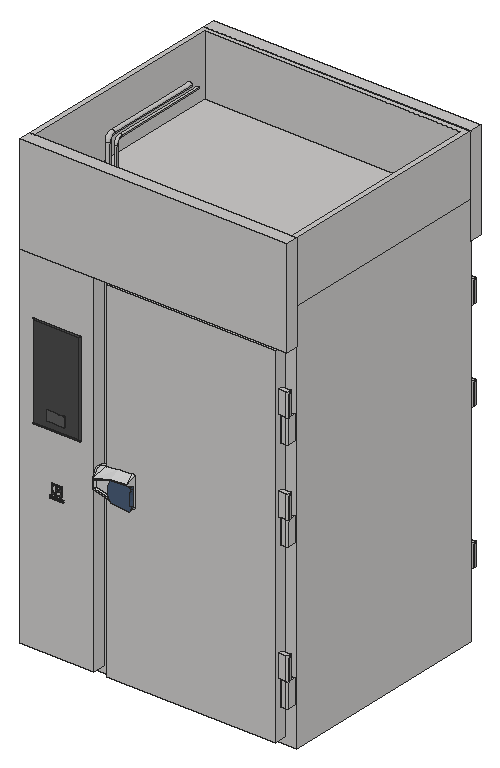
Revit family "QF_ELECTROLUXPROFESSIONAL_727759_EBFA22RPQ", category Specialty Equipment, Revit 2018
Family settings
  Round Connector Dimension = Use Radius
  Part Type = Normal
  Work Plane-Based = No
  Always vertical = Yes
  Cut with Voids When Loaded = No
  Shared = Yes
  Room Calculation Point = No
Parameters
  Weight = 0.00 kg
  Watts = 0 W
  Volts = 208 V
  URL Manufacturer = "http://professional.electrolux.com"
  URL = "http://professional.electrolux.com"
  Steam Supply Size = 0"
  Steam Supply Minimum Pressure = 0.00 psi
  Steam Supply Maximum Pressure = 0.00 psi
  Steam Pounds per Hour = 0
  Show Logo [instance] = yes
  Refrigeration Suction Line Size = 0"
  Refrigeration Liquid Line Size = 0"
  Refrigerant Compressor Remote = yes
  Phase = 3
  Model = "EBFA22RPQ"
  Manufacturer = "Electrolux"
  Length Actual = 1400 mm  # constant formula
  Item Number = "727759"
  Hot Water Size = 0"
  Height Actual = 2400 mm  # constant formula
  HP = "9 HP"
  Gas Size = 0"
  Gas KW = 0
  Gas Input Pressure = 0.0 Btu/h
  Direct Waste Size = 3/4"
  Description = "BC/F 180KG 20GN2/1 REM-PASTH-208V-US-USB"
  Depth Actual = 1395 mm  # constant formula
  Cycle = 60 Hz
  Condensate Return Size = 0"
  Compressed Air Volume = 0 GPM
  Compressed Air Size = 0"
  Compressed Air Pressure = 0.00 psi
  Cold Water Size = 0"
  Assembly Code = ""
  Show Clearance [instance] = yes
  Accessory = yes
Reference planes
  plane 1: z = 0
  plane 2 "LEFT": x = 0
  plane 3 "RIGHT": x = 1400
  plane 4 "FRONT": y = -1205
  plane 5 "TOP": z = 2400
  plane 6 "Center Y": x = 700
  plane 7: y = -2155
  plane 8 "BACK": y = 67
  plane 9: y = -569
Forms (mm)
  Extrusion 1, solid, material "QF_Clearance", visible <- "Show Clearance", detail levels coarse
    sketch origin (0, 0, -70) x (1, 0, 0) y (0, 1, 0)
      loop
        line (0, -1205) -> (0, 67) -> (-100, 67) -> (-100, -1205) -> (0, -1205)
      loop
        line (1500, -1205) -> (1500, 67) -> (1400, 67) -> (1400, -1205) -> (1500, -1205)
    from 70 to 2670
  Extrusion 2, solid, material "QF_Finishes_Stainless Steel"
    sketch origin (349.253, 33, 630.991) x (-1, 0, 0) y (0, -1, 0)
      loop
        line (349.253, 1172.759) -> (349.253, 1238) -> (-39.747, 1238) -> (-39.747, 1172.759) -> (349.253, 1172.759)
    from -597 to 1254
  Extrusion 3, solid, material "QF_Finishes_Stainless Steel"
    sketch origin (596.16, 27.971, -70) x (1, 0, 0) y (0, 1, 0)
      loop
        line (743.84, -1172.971) -> (-141.16, -1172.971) -> (-141.16, -1232.971) -> (743.84, -1232.971) -> (743.84, -1172.971)
    from 103.991 to 1945.25
  Extrusion 4, solid, material "QF_Door-Drawer Clearances", visible <- "Show Clearance", detail levels coarse
    sketch origin (875, -72.029, -91.802) x (-1, 0, 0) y (0, -1, 0)
      loop
        line (-465, 2025.971) -> (-465, 1132.971) -> (420, 1132.971)
        arc (420, 1132.971) -> (153.836, 1754.227) -> (-465, 2025.971) r 920
    from 125.793 to 1967.052
  Extrusion 5, solid, material "QF_Finishes_Stainless Steel"
    sketch origin (0, -1139.759, 0) x (0, 1, 0) y (-1, 0, 0)
      loop
        line (1140.759, 0) -> (0.759, 0) -> (0.759, -1400) -> (1140.759, -1400) -> (1140.759, 0)
    from 0 to 2080
  Extrusion 6, solid, material "QF_Finishes_Stainless Steel"
    sketch origin (0, 0, -70) x (0, 1, 0) y (0, 0, 1)
      loop
        line (-1139, 2470) -> (-1205, 2470) -> (-1205, 1956) -> (-1139, 1956) -> (-1139, 2470)
    from 0 to 1400
  Extrusion 7, solid, material "QF_Finishes_Stainless Steel"
    sketch origin (0, -1139.759, 2080) x (0, 1, 0) y (-1, 0, 0)
      loop
        line (1140.759, 0) -> (0.759, 0) -> (0.759, -27.807) -> (1112.952, -27.807) -> (1112.952, -1372.193) -> (0.759, -1372.193) -> (0.759, -1400) -> (1140.759, -1400) -> (1140.759, 0)
    from 0 to 320
  Extrusion 8, solid, material "QF_Clearance", visible <- "Show Clearance", detail levels coarse
    sketch origin (0, 0, 2400) x (-1, 0, 0) y (0, -1, 0)
      loop
        line (0, 1205) -> (-1400, 1205) -> (-1400, -67.029) -> (0, -67.029) -> (0, 1205)
    from 0 to 200
  Extrusion 9, solid, material "QF_Finishes_Stainless Steel"
    sketch origin (-390.239, -0.977, 1172.559) x (1, 0, 0) y (0, 1, 0)
      loop
        line (1730.239, -1159.557) -> (1730.239, -1186.759) -> (1771.078, -1186.759)
        arc (1771.078, -1186.759) -> (1778.149, -1183.83) -> (1781.078, -1176.759) r 10
        line (1781.078, -1176.759) -> (1781.078, -1169.557)
        arc (1781.078, -1169.557) -> (1778.149, -1162.486) -> (1771.078, -1159.557) r 10
        line (1771.078, -1159.557) -> (1730.239, -1159.557)
    from 398 to 516
  Extrusion 10, solid, material "QF_Finishes_Stainless Steel"
    sketch origin (-388.989, -0.977, 1172.559) x (1, 0, 0) y (0, 1, 0)
      loop
        line (1779.828, -1138.023) -> (1738.215, -1138.023) -> (1738.215, -1176.759)
        arc (1738.215, -1176.759) -> (1741.143, -1183.83) -> (1748.215, -1186.759) r 10
        line (1748.215, -1186.759) -> (1769.828, -1186.759)
        arc (1769.828, -1186.759) -> (1776.899, -1183.83) -> (1779.828, -1176.759) r 10
        line (1779.828, -1176.759) -> (1779.828, -1138.023)
    from 269 to 396
  Extrusion 11, solid, material "QF_Finishes_Handrails and Railings"
    sketch origin (0, -1205, -139.705) x (-1, 0, 0) y (0, 0, 1)
      loop
        arc (-455, 1022.346) -> (-433.392, 1027.289) -> (-413, 1035.976) r 124.815
        arc (-413, 1035.976) -> (-402.037, 1046.425) -> (-398, 1061.023) r 28.412
        line (-398, 1061.023) -> (-398, 1124.287)
        arc (-398, 1124.287) -> (-402.037, 1138.885) -> (-413, 1149.334) r 28.412
        arc (-413, 1149.334) -> (-433.392, 1158.021) -> (-455, 1162.964) r 124.815
        line (-455, 1162.964) -> (-455, 1022.346)
    from 0 to 25
  Extrusion 12, solid, material "QF_Finishes_Stainless Steel"
    sketch origin (0, 67, 2400) x (0, 0, -1) y (-1, 0, 0)
      loop
        circle (190.294, -50.191) r 10
    from -2 to 0
  Extrusion 13, solid
    sketch origin (0, 0, -70) x (1, 0, 0) y (0, 1, 0)
      loop
        circle (271, -895) r 12.7
    from 180 to 190
  Sweep 14, solid, material "QF_Finishes_Stainless Steel"
    path in 3D
      loop
        line (196, -872.727, 2090) -> (196, -872.727, 2314.785)
        arc (196, -872.727, 2314.785) -> (196, -863.94, 2335.999) -> (196, -842.727, 2344.785) r 30
        line (196, -842.727, 2344.785) -> (196, -337, 2344.785)
    profile origin (196, -589.864, 2344.785) x (-1, 0, 0) y (0, 0, 1)
      loop
        circle (0, -0.785) r 11
  Sweep 15, solid, material "QF_Finishes_Stainless Steel"
    path in 3D
      loop
        line (239, -337, 2344) -> (239, -842.727, 2344)
        arc (239, -842.727, 2344) -> (239, -863.94, 2335.213) -> (239, -872.727, 2314) r 30
        line (239, -872.727, 2314) -> (239, -872.727, 2090)
    profile origin (239, -589.864, 2344) x (1, 0, 0) y (0, 0, 1)
      loop
        circle (0, 0) r 6
  Extrusion 16, solid, material "QF_Finishes_Stainless Steel"
    sketch origin (0, -1139.759, 2080) x (0, 1, 0) y (-1, 0, 0)
      loop
        line (272.791, -163.68) -> (262.791, -163.68)
        arc (262.791, -163.68) -> (252.185, -168.074) -> (247.791, -178.68) r 15
        line (247.791, -178.68) -> (247.791, -270.358)
        arc (247.791, -270.358) -> (252.185, -280.965) -> (262.791, -285.358) r 15
        line (262.791, -285.358) -> (272.791, -285.358)
        arc (272.791, -285.358) -> (283.398, -280.965) -> (287.791, -270.358) r 15
        line (287.791, -270.358) -> (287.791, -178.68)
        arc (287.791, -178.68) -> (283.398, -168.074) -> (272.791, -163.68) r 15
    from 0 to 10
  Blend 17, solid, material "QF_Finishes_Handrails and Railings"
    base sketch origin (0, -1205, -139.705) x (1, 0, 0) y (0, 0, 1)
      loop
        arc (455, 1162.964) -> (433.392, 1158.021) -> (413, 1149.334) r 124.815
        arc (413, 1149.334) -> (402.037, 1138.885) -> (398, 1124.287) r 28.412
        line (398, 1124.287) -> (398, 1061.023)
        arc (398, 1061.023) -> (402.037, 1046.425) -> (413, 1035.976) r 28.412
        arc (413, 1035.976) -> (433.392, 1027.289) -> (455, 1022.346) r 124.815
        arc (455, 1022.346) -> (524.77, 1014.896) -> (594.859, 1011.587) r 1185.63
        arc (594.859, 1011.587) -> (600.607, 1013.879) -> (603, 1019.586) r 8
        line (603, 1019.586) -> (603, 1165.724)
        arc (603, 1165.724) -> (600.607, 1171.431) -> (594.859, 1173.723) r 8
        arc (594.859, 1173.723) -> (524.77, 1170.414) -> (455, 1162.964) r 1185.63
    top sketch origin (0, -1205, -139.705) x (1, 0, 0) y (0, 0, 1)
      loop
        line (421, 1108.337) -> (421, 1076.973)
        arc (421, 1076.973) -> (423.295, 1069.915) -> (429.302, 1065.557) r 12
        arc (429.302, 1065.557) -> (515.086, 1044.22) -> (603, 1034.974) r 636.459
        line (603, 1034.974) -> (603, 1150.336)
        arc (603, 1150.336) -> (515.086, 1141.09) -> (429.302, 1119.753) r 636.459
        arc (429.302, 1119.753) -> (423.295, 1115.395) -> (421, 1108.337) r 12
    from 0 to 50
  Blend 18, void
    base sketch origin (0, -1255, -139.705) x (-1, 0, 0) y (0, 0, 1)
      loop
        arc (-430.843, 1114.996) -> (-515.866, 1136.151) -> (-603, 1145.333) r 631.459
        line (-603, 1145.333) -> (-603, 1039.977)
        arc (-603, 1039.977) -> (-515.866, 1049.159) -> (-430.843, 1070.314) r 631.459
        arc (-430.843, 1070.314) -> (-427.339, 1072.856) -> (-426, 1076.973) r 7
        line (-426, 1076.973) -> (-426, 1108.337)
        arc (-426, 1108.337) -> (-427.339, 1112.454) -> (-430.843, 1114.996) r 7
    top sketch origin (0, -1255, -139.705) x (-1, 0, 0) y (0, 0, 1)
      loop
        arc (-432.384, 1110.24) -> (-516.647, 1131.211) -> (-603, 1140.33) r 626.459
        line (-603, 1140.33) -> (-603, 1044.98)
        arc (-603, 1044.98) -> (-516.647, 1054.099) -> (-432.384, 1075.07) r 626.459
        arc (-432.384, 1075.07) -> (-431.382, 1075.797) -> (-431, 1076.973) r 2
        line (-431, 1076.973) -> (-431, 1108.337)
        arc (-431, 1108.337) -> (-431.382, 1109.513) -> (-432.384, 1110.24) r 2
    from 0 to 10
  Blend 19, solid, material "QF_Finishes_Electrolux_Blue"
    base sketch origin (0, -1245, -139.705) x (1, 0, 0) y (0, 0, 1)
      loop
        arc (628.567, 1043.419) -> (622.014, 1092.655) -> (628.567, 1141.89) r 188.232
        arc (628.567, 1141.89) -> (627.358, 1147.991) -> (621.77, 1150.721) r 7
        arc (621.77, 1150.721) -> (572.304, 1148.509) -> (523.16, 1142.458) r 636.459
        arc (523.16, 1142.458) -> (507.711, 1092.655) -> (523.16, 1042.852) r 88
        arc (523.16, 1042.852) -> (572.304, 1036.801) -> (621.77, 1034.589) r 636.459
        arc (621.77, 1034.589) -> (627.358, 1037.319) -> (628.567, 1043.419) r 7
    top sketch origin (0, -1245, -139.705) x (1, 0, 0) y (0, 0, 1)
      loop
        arc (626.748, 1050.703) -> (622.014, 1092.655) -> (626.748, 1134.607) r 188.232
        arc (626.748, 1134.607) -> (625.775, 1138.85) -> (621.845, 1140.722) r 5
        arc (621.845, 1140.722) -> (569.023, 1138.185) -> (516.603, 1131.203) r 626.459
        arc (516.603, 1131.203) -> (507.711, 1092.655) -> (516.603, 1054.107) r 88
        arc (516.603, 1054.107) -> (569.023, 1047.124) -> (621.845, 1044.588) r 626.459
        arc (621.845, 1044.588) -> (625.775, 1046.46) -> (626.748, 1050.703) r 5
    from 20 to 0
  Extrusion 20, solid, material "QF_Finishes_Stainless Steel"
    sketch origin (-390.239, -0.977, 692.559) x (1, 0, 0) y (0, 1, 0)
      loop
        line (1730.239, -1159.557) -> (1730.239, -1186.759) -> (1771.078, -1186.759)
        arc (1771.078, -1186.759) -> (1778.149, -1183.83) -> (1781.078, -1176.759) r 10
        line (1781.078, -1176.759) -> (1781.078, -1169.557)
        arc (1781.078, -1169.557) -> (1778.149, -1162.486) -> (1771.078, -1159.557) r 10
        line (1771.078, -1159.557) -> (1730.239, -1159.557)
    from 398 to 516
  Extrusion 21, solid, material "QF_Finishes_Stainless Steel"
    sketch origin (-388.989, -0.977, 692.559) x (1, 0, 0) y (0, 1, 0)
      loop
        line (1779.828, -1138.023) -> (1738.215, -1138.023) -> (1738.215, -1176.759)
        arc (1738.215, -1176.759) -> (1741.143, -1183.83) -> (1748.215, -1186.759) r 10
        line (1748.215, -1186.759) -> (1769.828, -1186.759)
        arc (1769.828, -1186.759) -> (1776.899, -1183.83) -> (1779.828, -1176.759) r 10
        line (1779.828, -1176.759) -> (1779.828, -1138.023)
    from 269 to 396
  Extrusion 22, solid, material "QF_Finishes_Stainless Steel"
    sketch origin (-390.239, -0.977, -67.441) x (1, 0, 0) y (0, 1, 0)
      loop
        line (1730.239, -1159.557) -> (1730.239, -1186.759) -> (1771.078, -1186.759)
        arc (1771.078, -1186.759) -> (1778.149, -1183.83) -> (1781.078, -1176.759) r 10
        line (1781.078, -1176.759) -> (1781.078, -1169.557)
        arc (1781.078, -1169.557) -> (1778.149, -1162.486) -> (1771.078, -1159.557) r 10
        line (1771.078, -1159.557) -> (1730.239, -1159.557)
    from 398 to 516
  Extrusion 23, solid, material "QF_Finishes_Stainless Steel"
    sketch origin (-388.989, -0.977, -67.441) x (1, 0, 0) y (0, 1, 0)
      loop
        line (1779.828, -1138.023) -> (1738.215, -1138.023) -> (1738.215, -1176.759)
        arc (1738.215, -1176.759) -> (1741.143, -1183.83) -> (1748.215, -1186.759) r 10
        line (1748.215, -1186.759) -> (1769.828, -1186.759)
        arc (1769.828, -1186.759) -> (1776.899, -1183.83) -> (1779.828, -1176.759) r 10
        line (1779.828, -1176.759) -> (1779.828, -1138.023)
    from 269 to 396
  Extrusion 24, solid, material "QF_Door-Drawer Clearances", visible <- "Show Clearance", detail levels coarse
    sketch origin (167.029, -1956.84, -70) x (0, 1, 0) y (-1, 0, 0)
      loop
        line (751.84, -1172.971) -> (-141.16, -1172.971) -> (-141.16, -1232.971) -> (751.84, -1232.971) -> (751.84, -1172.971)
    from 103.991 to 1945.25
  Extrusion 25, solid, material "QF_Door-Drawer Clearances", visible <- "Show Clearance", detail levels coarse
    sketch origin (1400, -2553, -139.705) x (0, -1, 0) y (0, 0, 1)
      loop
        arc (-455, 1022.346) -> (-433.392, 1027.289) -> (-413, 1035.976) r 124.815
        arc (-413, 1035.976) -> (-402.037, 1046.425) -> (-398, 1061.023) r 28.412
        line (-398, 1061.023) -> (-398, 1124.287)
        arc (-398, 1124.287) -> (-402.037, 1138.885) -> (-413, 1149.334) r 28.412
        arc (-413, 1149.334) -> (-433.392, 1158.021) -> (-455, 1162.964) r 124.815
        line (-455, 1162.964) -> (-455, 1022.346)
    from 0 to 25
  Blend 26, solid, material "QF_Door-Drawer Clearances", visible <- "Show Clearance", detail levels coarse
    base sketch origin (1400, -2553, -139.705) x (0, 1, 0) y (0, 0, 1)
      loop
        arc (455, 1162.964) -> (433.392, 1158.021) -> (413, 1149.334) r 124.815
        arc (413, 1149.334) -> (402.037, 1138.885) -> (398, 1124.287) r 28.412
        line (398, 1124.287) -> (398, 1061.023)
        arc (398, 1061.023) -> (402.037, 1046.425) -> (413, 1035.976) r 28.412
        arc (413, 1035.976) -> (433.392, 1027.289) -> (455, 1022.346) r 124.815
        arc (455, 1022.346) -> (524.77, 1014.896) -> (594.859, 1011.587) r 1185.63
        arc (594.859, 1011.587) -> (600.607, 1013.879) -> (603, 1019.586) r 8
        line (603, 1019.586) -> (603, 1165.724)
        arc (603, 1165.724) -> (600.607, 1171.431) -> (594.859, 1173.723) r 8
        arc (594.859, 1173.723) -> (524.77, 1170.414) -> (455, 1162.964) r 1185.63
    top sketch origin (1400, -2553, -139.705) x (0, 1, 0) y (0, 0, 1)
      loop
        line (421, 1108.337) -> (421, 1076.973)
        arc (421, 1076.973) -> (423.295, 1069.915) -> (429.302, 1065.557) r 12
        arc (429.302, 1065.557) -> (515.086, 1044.22) -> (603, 1034.974) r 636.459
        line (603, 1034.974) -> (603, 1150.336)
        arc (603, 1150.336) -> (515.086, 1141.09) -> (429.302, 1119.753) r 636.459
        arc (429.302, 1119.753) -> (423.295, 1115.395) -> (421, 1108.337) r 12
    from 0 to 50
  Blend 27, void
    base sketch origin (1450, -2553, -139.705) x (0, -1, 0) y (0, 0, 1)
      loop
        arc (-430.843, 1114.996) -> (-515.866, 1136.151) -> (-603, 1145.333) r 631.459
        line (-603, 1145.333) -> (-603, 1039.977)
        arc (-603, 1039.977) -> (-515.866, 1049.159) -> (-430.843, 1070.314) r 631.459
        arc (-430.843, 1070.314) -> (-427.339, 1072.856) -> (-426, 1076.973) r 7
        line (-426, 1076.973) -> (-426, 1108.337)
        arc (-426, 1108.337) -> (-427.339, 1112.454) -> (-430.843, 1114.996) r 7
    top sketch origin (1450, -2553, -139.705) x (0, -1, 0) y (0, 0, 1)
      loop
        arc (-432.384, 1110.24) -> (-516.647, 1131.211) -> (-603, 1140.33) r 626.459
        line (-603, 1140.33) -> (-603, 1044.98)
        arc (-603, 1044.98) -> (-516.647, 1054.099) -> (-432.384, 1075.07) r 626.459
        arc (-432.384, 1075.07) -> (-431.382, 1075.797) -> (-431, 1076.973) r 2
        line (-431, 1076.973) -> (-431, 1108.337)
        arc (-431, 1108.337) -> (-431.382, 1109.513) -> (-432.384, 1110.24) r 2
    from 0 to 10
  Blend 28, solid, material "QF_Door-Drawer Clearances", visible <- "Show Clearance", detail levels coarse
    base sketch origin (1440, -2553, -139.705) x (0, 1, 0) y (0, 0, 1)
      loop
        arc (628.567, 1043.419) -> (622.014, 1092.655) -> (628.567, 1141.89) r 188.232
        arc (628.567, 1141.89) -> (627.358, 1147.991) -> (621.77, 1150.721) r 7
        arc (621.77, 1150.721) -> (572.304, 1148.509) -> (523.16, 1142.458) r 636.459
        arc (523.16, 1142.458) -> (507.711, 1092.655) -> (523.16, 1042.852) r 88
        arc (523.16, 1042.852) -> (572.304, 1036.801) -> (621.77, 1034.589) r 636.459
        arc (621.77, 1034.589) -> (627.358, 1037.319) -> (628.567, 1043.419) r 7
    top sketch origin (1440, -2553, -139.705) x (0, 1, 0) y (0, 0, 1)
      loop
        arc (626.748, 1050.703) -> (622.014, 1092.655) -> (626.748, 1134.607) r 188.232
        arc (626.748, 1134.607) -> (625.775, 1138.85) -> (621.845, 1140.722) r 5
        arc (621.845, 1140.722) -> (569.023, 1138.185) -> (516.603, 1131.203) r 626.459
        arc (516.603, 1131.203) -> (507.711, 1092.655) -> (516.603, 1054.107) r 88
        arc (516.603, 1054.107) -> (569.023, 1047.124) -> (621.845, 1044.588) r 626.459
        arc (621.845, 1044.588) -> (625.775, 1046.46) -> (626.748, 1050.703) r 5
    from 20 to -1
  Extrusion 29, solid, material "QF_Finishes_Stainless Steel"
    sketch origin (349.253, -1171, 630.991) x (-1, 0, 0) y (0, -1, 0)
      loop
        line (349.253, -1172.759) -> (-39.747, -1172.759) -> (-39.747, -1238) -> (349.253, -1238) -> (349.253, -1172.759)
    from -597 to 1254
  Extrusion 30, solid, material "QF_Finishes_Stainless Steel"
    sketch origin (596.16, -1165.971, -70) x (1, 0, 0) y (0, 1, 0)
      loop
        line (743.84, 1172.971) -> (743.84, 1232.971) -> (-141.16, 1232.971) -> (-141.16, 1172.971) -> (743.84, 1172.971)
    from 103.991 to 1945.25
  Extrusion 31, solid, material "QF_Door-Drawer Clearances", visible <- "Show Clearance", detail levels coarse
    sketch origin (875, -1065.971, -91.802) x (-1, 0, 0) y (0, -1, 0)
      loop
        arc (-465, -2025.971) -> (153.836, -1754.227) -> (420, -1132.971) r 920
        line (420, -1132.971) -> (-465, -1132.971) -> (-465, -2025.971)
    from 125.793 to 1967.052
  Extrusion 32, solid, material "QF_Finishes_Stainless Steel"
    sketch origin (0, -1138, -70) x (0, -1, 0) y (0, 0, -1)
      loop
        line (-1139, -2470) -> (-1139, -1956) -> (-1205, -1956) -> (-1205, -2470) -> (-1139, -2470)
    from 0 to 1400
  Extrusion 33, solid, material "QF_Finishes_Stainless Steel"
    sketch origin (-390.239, -1137.023, 1172.559) x (1, 0, 0) y (0, 1, 0)
      loop
        line (1730.239, 1159.557) -> (1771.078, 1159.557)
        arc (1771.078, 1159.557) -> (1778.149, 1162.486) -> (1781.078, 1169.557) r 10
        line (1781.078, 1169.557) -> (1781.078, 1176.759)
        arc (1781.078, 1176.759) -> (1778.149, 1183.83) -> (1771.078, 1186.759) r 10
        line (1771.078, 1186.759) -> (1730.239, 1186.759) -> (1730.239, 1159.557)
    from 398 to 516
  Extrusion 34, solid, material "QF_Finishes_Handrails and Railings"
    sketch origin (0, 67, -139.705) x (-1, 0, 0) y (0, 0, -1)
      loop
        line (-455, -1022.346) -> (-455, -1162.964)
        arc (-455, -1162.964) -> (-433.392, -1158.021) -> (-413, -1149.334) r 124.815
        arc (-413, -1149.334) -> (-402.037, -1138.885) -> (-398, -1124.287) r 28.412
        line (-398, -1124.287) -> (-398, -1061.023)
        arc (-398, -1061.023) -> (-402.037, -1046.425) -> (-413, -1035.976) r 28.412
        arc (-413, -1035.976) -> (-433.392, -1027.289) -> (-455, -1022.346) r 124.815
    from 0 to 25
  Blend 35, solid, material "QF_Finishes_Handrails and Railings"
    base sketch origin (0, 67, -139.705) x (1, 0, 0) y (0, 0, -1)
      loop
        arc (455, -1162.964) -> (524.77, -1170.414) -> (594.859, -1173.723) r 1185.63
        arc (594.859, -1173.723) -> (600.607, -1171.431) -> (603, -1165.724) r 8
        line (603, -1165.724) -> (603, -1019.586)
        arc (603, -1019.586) -> (600.607, -1013.879) -> (594.859, -1011.587) r 8
        arc (594.859, -1011.587) -> (524.77, -1014.896) -> (455, -1022.346) r 1185.63
        arc (455, -1022.346) -> (433.392, -1027.289) -> (413, -1035.976) r 124.815
        arc (413, -1035.976) -> (402.037, -1046.425) -> (398, -1061.023) r 28.412
        line (398, -1061.023) -> (398, -1124.287)
        arc (398, -1124.287) -> (402.037, -1138.885) -> (413, -1149.334) r 28.412
        arc (413, -1149.334) -> (433.392, -1158.021) -> (455, -1162.964) r 124.815
    top sketch origin (0, 67, -139.705) x (1, 0, 0) y (0, 0, -1)
      loop
        arc (421, -1108.337) -> (423.295, -1115.395) -> (429.302, -1119.753) r 12
        arc (429.302, -1119.753) -> (515.086, -1141.09) -> (603, -1150.336) r 636.459
        line (603, -1150.336) -> (603, -1034.974)
        arc (603, -1034.974) -> (515.086, -1044.22) -> (429.302, -1065.557) r 636.459
        arc (429.302, -1065.557) -> (423.295, -1069.915) -> (421, -1076.973) r 12
        line (421, -1076.973) -> (421, -1108.337)
    from 0 to 50
  Blend 36, void
    base sketch origin (0, 117, -139.705) x (-1, 0, 0) y (0, 0, -1)
      loop
        arc (-430.843, -1114.996) -> (-427.339, -1112.454) -> (-426, -1108.337) r 7
        line (-426, -1108.337) -> (-426, -1076.973)
        arc (-426, -1076.973) -> (-427.339, -1072.856) -> (-430.843, -1070.314) r 7
        arc (-430.843, -1070.314) -> (-515.866, -1049.159) -> (-603, -1039.977) r 631.459
        line (-603, -1039.977) -> (-603, -1145.333)
        arc (-603, -1145.333) -> (-515.866, -1136.151) -> (-430.843, -1114.996) r 631.459
    top sketch origin (0, 117, -139.705) x (-1, 0, 0) y (0, 0, -1)
      loop
        arc (-432.384, -1110.24) -> (-431.382, -1109.513) -> (-431, -1108.337) r 2
        line (-431, -1108.337) -> (-431, -1076.973)
        arc (-431, -1076.973) -> (-431.382, -1075.797) -> (-432.384, -1075.07) r 2
        arc (-432.384, -1075.07) -> (-516.647, -1054.099) -> (-603, -1044.98) r 626.459
        line (-603, -1044.98) -> (-603, -1140.33)
        arc (-603, -1140.33) -> (-516.647, -1131.211) -> (-432.384, -1110.24) r 626.459
    from 0 to 10
  Blend 37, solid, material "QF_Finishes_Electrolux_Blue"
    base sketch origin (0, 107, -139.705) x (1, 0, 0) y (0, 0, -1)
      loop
        arc (628.567, -1043.419) -> (627.358, -1037.319) -> (621.77, -1034.589) r 7
        arc (621.77, -1034.589) -> (572.304, -1036.801) -> (523.16, -1042.852) r 636.459
        arc (523.16, -1042.852) -> (507.711, -1092.655) -> (523.16, -1142.458) r 88
        arc (523.16, -1142.458) -> (572.304, -1148.509) -> (621.77, -1150.721) r 636.459
        arc (621.77, -1150.721) -> (627.358, -1147.991) -> (628.567, -1141.89) r 7
        arc (628.567, -1141.89) -> (622.014, -1092.655) -> (628.567, -1043.419) r 188.232
    top sketch origin (0, 107, -139.705) x (1, 0, 0) y (0, 0, -1)
      loop
        arc (626.748, -1050.703) -> (625.775, -1046.46) -> (621.845, -1044.588) r 5
        arc (621.845, -1044.588) -> (569.023, -1047.124) -> (516.603, -1054.107) r 626.459
        arc (516.603, -1054.107) -> (507.711, -1092.655) -> (516.603, -1131.203) r 88
        arc (516.603, -1131.203) -> (569.023, -1138.185) -> (621.845, -1140.722) r 626.459
        arc (621.845, -1140.722) -> (625.775, -1138.85) -> (626.748, -1134.607) r 5
        arc (626.748, -1134.607) -> (622.014, -1092.655) -> (626.748, -1050.703) r 188.232
    from 20 to 0
  Extrusion 38, solid, material "QF_Finishes_Stainless Steel"
    sketch origin (-390.239, -1137.023, 692.559) x (1, 0, 0) y (0, 1, 0)
      loop
        line (1730.239, 1159.557) -> (1771.078, 1159.557)
        arc (1771.078, 1159.557) -> (1778.149, 1162.486) -> (1781.078, 1169.557) r 10
        line (1781.078, 1169.557) -> (1781.078, 1176.759)
        arc (1781.078, 1176.759) -> (1778.149, 1183.83) -> (1771.078, 1186.759) r 10
        line (1771.078, 1186.759) -> (1730.239, 1186.759) -> (1730.239, 1159.557)
    from 398 to 516
  Extrusion 39, solid, material "QF_Finishes_Stainless Steel"
    sketch origin (-390.239, -1137.023, -67.441) x (1, 0, 0) y (0, 1, 0)
      loop
        line (1730.239, 1159.557) -> (1771.078, 1159.557)
        arc (1771.078, 1159.557) -> (1778.149, 1162.486) -> (1781.078, 1169.557) r 10
        line (1781.078, 1169.557) -> (1781.078, 1176.759)
        arc (1781.078, 1176.759) -> (1778.149, 1183.83) -> (1771.078, 1186.759) r 10
        line (1771.078, 1186.759) -> (1730.239, 1186.759) -> (1730.239, 1159.557)
    from 398 to 516
  Extrusion 40, solid, material "QF_Door-Drawer Clearances", visible <- "Show Clearance", detail levels coarse
    sketch origin (167.029, 818.84, -70) x (0, -1, 0) y (1, 0, 0)
      loop
        line (751.84, 1172.971) -> (751.84, 1232.971) -> (-141.16, 1232.971) -> (-141.16, 1172.971) -> (751.84, 1172.971)
    from 103.991 to 1945.25
  Extrusion 41, solid, material "QF_Door-Drawer Clearances", visible <- "Show Clearance", detail levels coarse
    sketch origin (1400, 1415, -139.705) x (0, 1, 0) y (0, 0, -1)
      loop
        line (-455, -1022.346) -> (-455, -1162.964)
        arc (-455, -1162.964) -> (-433.392, -1158.021) -> (-413, -1149.334) r 124.815
        arc (-413, -1149.334) -> (-402.037, -1138.885) -> (-398, -1124.287) r 28.412
        line (-398, -1124.287) -> (-398, -1061.023)
        arc (-398, -1061.023) -> (-402.037, -1046.425) -> (-413, -1035.976) r 28.412
        arc (-413, -1035.976) -> (-433.392, -1027.289) -> (-455, -1022.346) r 124.815
    from 0 to 25
  Blend 42, solid, material "QF_Door-Drawer Clearances", visible <- "Show Clearance", detail levels coarse
    base sketch origin (1400, 1415, -139.705) x (0, -1, 0) y (0, 0, -1)
      loop
        arc (455, -1162.964) -> (524.77, -1170.414) -> (594.859, -1173.723) r 1185.63
        arc (594.859, -1173.723) -> (600.607, -1171.431) -> (603, -1165.724) r 8
        line (603, -1165.724) -> (603, -1019.586)
        arc (603, -1019.586) -> (600.607, -1013.879) -> (594.859, -1011.587) r 8
        arc (594.859, -1011.587) -> (524.77, -1014.896) -> (455, -1022.346) r 1185.63
        arc (455, -1022.346) -> (433.392, -1027.289) -> (413, -1035.976) r 124.815
        arc (413, -1035.976) -> (402.037, -1046.425) -> (398, -1061.023) r 28.412
        line (398, -1061.023) -> (398, -1124.287)
        arc (398, -1124.287) -> (402.037, -1138.885) -> (413, -1149.334) r 28.412
        arc (413, -1149.334) -> (433.392, -1158.021) -> (455, -1162.964) r 124.815
    top sketch origin (1400, 1415, -139.705) x (0, -1, 0) y (0, 0, -1)
      loop
        arc (421, -1108.337) -> (423.295, -1115.395) -> (429.302, -1119.753) r 12
        arc (429.302, -1119.753) -> (515.086, -1141.09) -> (603, -1150.336) r 636.459
        line (603, -1150.336) -> (603, -1034.974)
        arc (603, -1034.974) -> (515.086, -1044.22) -> (429.302, -1065.557) r 636.459
        arc (429.302, -1065.557) -> (423.295, -1069.915) -> (421, -1076.973) r 12
        line (421, -1076.973) -> (421, -1108.337)
    from 0 to 50
  Blend 43, void
    base sketch origin (1450, 1415, -139.705) x (0, 1, 0) y (0, 0, -1)
      loop
        arc (-430.843, -1114.996) -> (-427.339, -1112.454) -> (-426, -1108.337) r 7
        line (-426, -1108.337) -> (-426, -1076.973)
        arc (-426, -1076.973) -> (-427.339, -1072.856) -> (-430.843, -1070.314) r 7
        arc (-430.843, -1070.314) -> (-515.866, -1049.159) -> (-603, -1039.977) r 631.459
        line (-603, -1039.977) -> (-603, -1145.333)
        arc (-603, -1145.333) -> (-515.866, -1136.151) -> (-430.843, -1114.996) r 631.459
    top sketch origin (1450, 1415, -139.705) x (0, 1, 0) y (0, 0, -1)
      loop
        arc (-432.384, -1110.24) -> (-431.382, -1109.513) -> (-431, -1108.337) r 2
        line (-431, -1108.337) -> (-431, -1076.973)
        arc (-431, -1076.973) -> (-431.382, -1075.797) -> (-432.384, -1075.07) r 2
        arc (-432.384, -1075.07) -> (-516.647, -1054.099) -> (-603, -1044.98) r 626.459
        line (-603, -1044.98) -> (-603, -1140.33)
        arc (-603, -1140.33) -> (-516.647, -1131.211) -> (-432.384, -1110.24) r 626.459
    from 0 to 10
  Blend 44, solid, material "QF_Door-Drawer Clearances", visible <- "Show Clearance", detail levels coarse
    base sketch origin (1440, 1415, -139.705) x (0, -1, 0) y (0, 0, -1)
      loop
        arc (628.567, -1043.419) -> (627.358, -1037.319) -> (621.77, -1034.589) r 7
        arc (621.77, -1034.589) -> (572.304, -1036.801) -> (523.16, -1042.852) r 636.459
        arc (523.16, -1042.852) -> (507.711, -1092.655) -> (523.16, -1142.458) r 88
        arc (523.16, -1142.458) -> (572.304, -1148.509) -> (621.77, -1150.721) r 636.459
        arc (621.77, -1150.721) -> (627.358, -1147.991) -> (628.567, -1141.89) r 7
        arc (628.567, -1141.89) -> (622.014, -1092.655) -> (628.567, -1043.419) r 188.232
    top sketch origin (1440, 1415, -139.705) x (0, -1, 0) y (0, 0, -1)
      loop
        arc (626.748, -1050.703) -> (625.775, -1046.46) -> (621.845, -1044.588) r 5
        arc (621.845, -1044.588) -> (569.023, -1047.124) -> (516.603, -1054.107) r 626.459
        arc (516.603, -1054.107) -> (507.711, -1092.655) -> (516.603, -1131.203) r 88
        arc (516.603, -1131.203) -> (569.023, -1138.185) -> (621.845, -1140.722) r 626.459
        arc (621.845, -1140.722) -> (625.775, -1138.85) -> (626.748, -1134.607) r 5
        arc (626.748, -1134.607) -> (622.014, -1092.655) -> (626.748, -1050.703) r 188.232
    from 20 to -1
Cuts and joins
  Blend 36 cuts Extrusion 11
  Blend 18, Blend 36 cuts Blend 17
  joined: Extrusion 11, Blend 17
  Blend 18, Blend 36, Blend 43 cuts Extrusion 4
  Blend 36, Blend 43 cuts Extrusion 24
  Blend 36, Blend 43 cuts Extrusion 25
  Blend 27, Blend 36, Blend 43 cuts Blend 26
  Blend 27, Blend 36, Blend 43 cuts Blend 28
  joined: Extrusion 4, Extrusion 24, Extrusion 25, Blend 26, Blend 28
  joined: Extrusion 7, Extrusion 12
  joined: Extrusion 5, Extrusion 10, Sweep 14, Sweep 15, Extrusion 16, Extrusion 21, Extrusion 23
  joined: Extrusion 3, Extrusion 9, Extrusion 20, Extrusion 22
  joined: Extrusion 1, Extrusion 8
  Blend 36 cuts Extrusion 31
  Blend 43 cuts Blend 42
  Blend 43 cuts Blend 44
  joined: Extrusion 31, Extrusion 40, Extrusion 41, Blend 42, Blend 44
  Blend 36 cuts Blend 35
Lines and regions (mm)
  symbolic lines, style "QF-Clearances", visible <- "Show Clearance", detail levels coarse
    curve 1: line (-100, -1204.241, 70) -> (-100, 66.241, 70)
    curve 2: line (1500, 66.241, 0) -> (1500, -1204.241, 0)
  symbolic lines
    curve 3: line (185, -336.968, 0) -> (207, -336.968, 0)
    curve 4: line (207, -336.968, 0) -> (207, -871.942, 0)
    curve 5: line (233, -872.727, 0) -> (233, -337, 0)
    curve 6: line (233, -337, 0) -> (245, -337, 0)
    curve 7: line (245, -337, 0) -> (245, -872.727, 0)
    curve 8: line (245, -851.968, 0) -> (270.358, -851.968, 0)
    curve 9: arc (285.358, -866.968, 0) -> (280.965, -856.361, 0) -> (270.358, -851.968, 0) r 15
    curve 10: line (285.358, -876.968, 0) -> (285.358, -866.968, 0)
    curve 11: arc (270.358, -891.968, 0) -> (280.965, -887.575, 0) -> (285.358, -876.968, 0) r 15
    curve 12: line (178.68, -891.968, 0) -> (270.358, -891.968, 0)
    curve 13: arc (163.68, -876.968, 0) -> (168.074, -887.575, 0) -> (178.68, -891.968, 0) r 15
    curve 14: line (163.68, -866.968, 0) -> (163.68, -876.968, 0)
    curve 15: arc (178.68, -851.968, 0) -> (168.074, -856.361, 0) -> (163.68, -866.968, 0) r 15
    curve 16: arc (207, -871.942, 0) -> (196, -882.942, 0) -> (185, -871.942, 0) r 11
    curve 17: arc (233, -872.727, 0) -> (239, -878.727, 0) -> (245, -872.727, 0) r 6
    curve 18: line (178.68, -851.968, 0) -> (185, -851.968, 0)
    curve 19: line (185, -336.968, 0) -> (185, -871.942, 0)
    curve 20: line (207, -851.968, 0) -> (233, -851.968, 0)
    curve 21: line (0, 1, 0) -> (1400, 1, 0)
    curve 22: line (0, -1205, 0) -> (0, 67, 0)
    curve 23: line (1400, -1205, 0) -> (0, -1205, 0)
    curve 24: line (1400, 67, 0) -> (1400, -1205, 0)
    curve 25: line (27.807, -26.807, 0) -> (1372.193, -26.807, 0)
    curve 26: line (27.807, -1139, 0) -> (27.807, -26.807, 0)
    curve 27: line (1400, -1139, 0) -> (0, -1139, 0)
    curve 28: line (1372.193, -26.807, 0) -> (1372.193, -1139, 0)
    curve 29: line (75.5, -1210, 0) -> (313.5, -1210, 0)
    curve 30: line (75.5, -1210, 0) -> (67.5, -1205, 0)
    curve 31: line (313.5, -1210, 0) -> (321.5, -1205, 0)
    curve 32: line (421, -1255, 0) -> (398, -1205, 0)
    curve 33: line (421, -1255, 0) -> (603, -1255, 0)
    curve 34: line (603, -1255, 0) -> (603, -1205, 0)
    curve 35: line (603, -1245, 0) -> (626.748, -1245, 0)
    curve 36: line (626.748, -1245, 0) -> (628.811, -1265, 0)
    curve 37: line (628.811, -1265, 0) -> (507.711, -1265, 0)
    curve 38: line (507.711, -1265, 0) -> (507.711, -1255, 0)
    curve 58: line (1400, 67, 0) -> (0, 67, 0)
    curve 59: line (1400, 1, 0) -> (0, 1, 0)
    curve 60: line (421, 117, 0) -> (398, 67, 0)
    curve 61: line (421, 117, 0) -> (603, 117, 0)
    curve 62: line (603, 117, 0) -> (603, 67, 0)
    curve 63: line (603, 107, 0) -> (626.748, 107, 0)
    curve 64: line (626.748, 107, 0) -> (628.811, 127, 0)
    curve 65: line (628.811, 127, 0) -> (507.711, 127, 0)
    curve 66: line (507.711, 127, 0) -> (507.711, 117, 0)
  symbolic lines, style "QF_Door-Drawer Clearances", visible <- "Show Clearance"
    curve 39: line (1450, -2132, 0) -> (1400, -2155, 0)
    curve 40: line (1450, -2132, 0) -> (1450, -1950, 0)
    curve 41: line (1450, -1950, 0) -> (1400, -1950, 0)
    curve 42: line (1439, -1950, 0) -> (1439, -1926.126, 0)
    curve 43: line (1439, -1926.126, 0) -> (1460, -1924.189, 0)
    curve 44: line (1460, -1924.189, 0) -> (1460, -2045.289, 0)
    curve 45: line (1460, -2045.289, 0) -> (1450, -2045.289, 0)
    curve 46: line (1375, -2098, 0) -> (1375, -2155, 0)
    curve 47: line (1340, -2098, 0) -> (1400, -2098, 0)
    curve 48: arc (457.796, -1255, 0) -> (739.031, -1843.801, 0) -> (1340, -2098, 0) r 920
    curve 49: line (1400, -2155, 0) -> (1375, -2155, 0)
    curve 50: line (1400, -2098, 0) -> (1400, -1205, 0)
    curve 57: line (1340, -2098, 0) -> (1340, -1205, 0)
    curve 67: arc (457.796, 117, 0) -> (739.031, 705.801, 0) -> (1340, 960, 0) r 920
    curve 68: line (1400, 960, 0) -> (1400, 67, 0)
    curve 69: line (1340, 960, 0) -> (1340, 67, 0)
    curve 70: line (1340, 960, 70) -> (1400, 960, 70)
    curve 71: line (1450, 994, 0) -> (1400, 1017, 0)
    curve 72: line (1450, 994, 0) -> (1450, 812, 0)
    curve 73: line (1450, 812, 0) -> (1400, 812, 0)
    curve 74: line (1439, 812, 0) -> (1439, 788.126, 0)
    curve 75: line (1439, 788.126, 0) -> (1460, 786.189, 0)
    curve 76: line (1460, 786.189, 0) -> (1460, 907.289, 0)
    curve 77: line (1460, 907.289, 0) -> (1450, 907.289, 0)
    curve 78: line (1375, 960, 0) -> (1375, 1017, 0)
    curve 79: line (1340, 960, 0) -> (1375, 960, 0)
    curve 80: line (1400, 1017, 0) -> (1375, 1017, 0)
  sketch lines
    curve 51: line (196, -842.727, 2344.785) -> (196, -337, 2344.785)
    curve 52: arc (196, -872.727, 2314.785) -> (196, -863.94, 2335.999) -> (196, -842.727, 2344.785) r 30
    curve 53: line (196, -872.727, 2090) -> (196, -872.727, 2314.785)
    curve 54: line (239, -337, 2344) -> (239, -842.727, 2344)
    curve 55: arc (239, -842.727, 2344) -> (239, -863.94, 2335.213) -> (239, -872.727, 2314) r 30
    curve 56: line (239, -872.727, 2314) -> (239, -872.727, 2090)
Dimensions and locks
  plane 5 "TOP" to level = 2400 mm
  plane 3 "RIGHT" to plane 2 "LEFT" = 1400 mm
  plane 2 "LEFT" to plane 3 "RIGHT" = 1400 mm
  equal spacing: plane 2 "LEFT", plane 6 "Center Y", plane 3 "RIGHT"
  equal spacing: plane 4 "FRONT", plane 9, plane 8 "BACK"
  plane 4 "FRONT" to plane 8 "BACK" = 1272 mm
  aligned and locked: level to plane 1
Automatic sketch dimensions
  plane 4 "FRONT" to Extrusion 1 sketch curve = 0 mm  (x2)
  plane 8 "BACK" to Extrusion 1 sketch curve = 0 mm  (x2)
  Extrusion 1 sketch curve to plane 2 "LEFT" = 0 mm
  Extrusion 1 sketch curve to plane 3 "RIGHT" = 0 mm
  Extrusion 1 sketch curve to plane 2 "LEFT" = 100 mm
  plane 3 "RIGHT" to Extrusion 1 sketch curve = 100 mm
  plane 4 "FRONT" to Extrusion 2 sketch curve = 0 mm
  Extrusion 2 sketch curve to plane 2 "LEFT" = 0 mm
  plane 6 "Center Y" to Extrusion 2 sketch curve = 311 mm
  Extrusion 2 sketch curve to plane 4 "FRONT" = 65.241 mm
  plane 4 "FRONT" to Extrusion 3 sketch curve = 0 mm
  Extrusion 3 sketch curve to plane 4 "FRONT" = 60 mm
  plane 6 "Center Y" to Extrusion 3 sketch curve = 245 mm
  Extrusion 3 sketch curve to plane 3 "RIGHT" = 60 mm
  plane 4 "FRONT" to Extrusion 4 sketch curve = 0 mm
  Extrusion 4 sketch curve to plane 3 "RIGHT" = 25.377 mm
  Extrusion 4 sketch curve to Extrusion 4 sketch curve = 34.623 mm
  plane 6 "Center Y" to Extrusion 4 sketch curve = 245 mm
  Extrusion 4 sketch curve to plane 4 "FRONT" = 26.348 mm
  Extrusion 5 sketch curve to plane 2 "LEFT" = 0 mm
  Extrusion 5 sketch curve to plane 3 "RIGHT" = 0 mm
  Extrusion 5 sketch curve to plane 4 "FRONT" = 66 mm
  plane 8 "BACK" to Extrusion 5 sketch curve = 66 mm
  Extrusion 6 sketch curve to plane 4 "FRONT" = 0 mm
  Extrusion 6 sketch curve to plane 5 "TOP" = 0 mm
  Extrusion 6 sketch curve to Extrusion 6 sketch curve = 66 mm
  Extrusion 6 sketch curve to Extrusion 6 sketch curve = 514 mm
  Extrusion 5 to Extrusion 7 sketch curve = 0 mm
  Extrusion 7 sketch curve to Extrusion 5 = 0 mm  (x4)
  Extrusion 7 sketch curve to Extrusion 5 = 27.807 mm  (x3)
  Extrusion 8 sketch curve to plane 3 "RIGHT" = 0 mm
  Extrusion 8 sketch curve to plane 2 "LEFT" = 0 mm
  plane 4 "FRONT" to Extrusion 8 sketch curve = 0 mm
  Extrusion 8 sketch curve to plane 8 "BACK" = 0.029 mm
  Extrusion 9 sketch curve to plane 4 "FRONT" = 17.264 mm
  Extrusion 9 sketch curve to plane 3 "RIGHT" = 60 mm
  Extrusion 9 sketch curve to plane 3 "RIGHT" = 19.161 mm
  Extrusion 9 sketch curve to Extrusion 9 sketch curve = 0 mm
  Extrusion 9 sketch curve to plane 3 "RIGHT" = 9.161 mm
  Extrusion 9 sketch curve to Extrusion 9 sketch curve = 7.202 mm
  Extrusion 10 sketch curve to plane 4 "FRONT" = 27.264 mm
  Extrusion 10 sketch curve to plane 3 "RIGHT" = 50.775 mm
  Extrusion 10 sketch curve to Extrusion 10 sketch curve = 10 mm
  Extrusion 10 sketch curve to plane 3 "RIGHT" = 19.161 mm
  Extrusion 10 sketch curve to plane 3 "RIGHT" = 9.161 mm
  Extrusion 10 sketch curve to Extrusion 10 sketch curve = 38.736 mm
  plane 6 "Center Y" to Extrusion 11 sketch curve = 228.081 mm
  Extrusion 11 sketch curve to Extrusion 11 sketch curve = 0 mm
  Extrusion 11 sketch curve to Extrusion 11 sketch curve = 16.919 mm
  Extrusion 11 sketch curve to Extrusion 11 sketch curve = 28.588 mm  (x2)
  Extrusion 11 sketch curve to Extrusion 11 sketch curve = 28.412 mm
  level to Extrusion 11 sketch curve = 882.641 mm
  Extrusion 11 sketch curve to Extrusion 11 sketch curve = 16.954 mm  (x2)
  Extrusion 11 sketch curve to Extrusion 11 sketch curve = 38.676 mm
  Extrusion 11 sketch curve to Extrusion 11 sketch curve = 63.265 mm
  Extrusion 11 sketch curve to Extrusion 11 sketch curve = 21.722 mm
  plane 2 "LEFT" to Extrusion 13 sketch curve = 271 mm
  Extrusion 13 sketch curve to plane 4 "FRONT" = 310 mm
  Sweep 14 sketch curve to profile plane = 0 mm
  Sweep 14 sketch curve to profile plane = 0.785 mm
  profile plane to Sweep 15 sketch curve = 0 mm
  Sweep 15 sketch curve to profile plane = 0 mm
  Extrusion 16 sketch curve to Extrusion 5 = 247.032 mm
  Extrusion 16 sketch curve to Extrusion 16 sketch curve = 15 mm  (x3)
  Extrusion 16 sketch curve to Extrusion 16 sketch curve = 10 mm  (x2)
  Extrusion 16 sketch curve to Extrusion 5 = 285.358 mm
  Extrusion 16 sketch curve to Extrusion 16 sketch curve = 91.678 mm
  Blend 17 sketch curve to Extrusion 11 = 0 mm  (x4)
  Blend 17 sketch curve to Extrusion 11 = 28.412 mm
  Blend 17 sketch curve to Blend 17 sketch curve = 123.081 mm  (x2)
  Blend 17 sketch curve to Blend 17 sketch curve = 8 mm
  Extrusion 11 to Blend 17 sketch curve = 160.712 mm  (x2)
  Blend 17 sketch curve to Blend 17 sketch curve = 19.715 mm  (x2)
  Blend 17 sketch curve to Blend 17 sketch curve = 38.676 mm
  Blend 17 sketch curve to Extrusion 11 = 23 mm
  Blend 17 sketch curve to Blend 17 sketch curve = 12 mm  (x2)
  Extrusion 11 to Blend 17 sketch curve = 148 mm
  Extrusion 11 to Blend 17 sketch curve = 170.45 mm  (x2)
  Blend 17 sketch curve to Blend 17 sketch curve = 520.701 mm  (x2)
  Blend 17 sketch curve to Blend 17 sketch curve = 41.999 mm
  Blend 17 sketch curve to Blend 17 sketch curve = 31.364 mm
  Blend 17 sketch curve to Blend 17 sketch curve = 115.362 mm
  Blend 17 to Blend 18 sketch curve = 0 mm  (x2)
  Blend 18 sketch curve to Blend 18 sketch curve = 7 mm
  Blend 18 sketch curve to Blend 18 sketch curve = 31.364 mm  (x2)
  Blend 18 sketch curve to Blend 18 sketch curve = 2 mm
  Blend 18 to Blend 19 sketch curve = 18.811 mm  (x2)
  Blend 19 sketch curve to Blend 18 = 7.289 mm  (x2)
  Blend 19 sketch curve to Blend 19 sketch curve = 188.435 mm
  Blend 19 sketch curve to Blend 19 sketch curve = 7 mm  (x2)
  Blend 19 sketch curve to Blend 19 sketch curve = 51.066 mm  (x2)
  Blend 19 sketch curve to Blend 19 sketch curve = 0 mm  (x6)
  Blend 19 sketch curve to Blend 18 = 79.84 mm
  Blend 18 to Blend 19 sketch curve = 18.874 mm  (x2)
  Blend 19 sketch curve to Blend 19 sketch curve = 188.371 mm
  Blend 19 sketch curve to Blend 19 sketch curve = 5 mm  (x2)
  Blend 19 sketch curve to Blend 19 sketch curve = 43.067 mm  (x2)
  Blend 19 sketch curve to Blend 18 = 85.603 mm
  Extrusion 20 sketch curve to plane 4 "FRONT" = 17.264 mm
  Extrusion 20 sketch curve to plane 3 "RIGHT" = 60 mm
  Extrusion 20 sketch curve to plane 3 "RIGHT" = 19.161 mm
  Extrusion 20 sketch curve to Extrusion 20 sketch curve = 0 mm
  Extrusion 20 sketch curve to plane 3 "RIGHT" = 9.161 mm
  Extrusion 20 sketch curve to Extrusion 20 sketch curve = 7.202 mm
  Extrusion 21 sketch curve to plane 4 "FRONT" = 27.264 mm
  Extrusion 21 sketch curve to plane 3 "RIGHT" = 50.775 mm
  Extrusion 21 sketch curve to Extrusion 21 sketch curve = 10 mm
  Extrusion 21 sketch curve to plane 3 "RIGHT" = 19.161 mm
  Extrusion 21 sketch curve to plane 3 "RIGHT" = 9.161 mm
  Extrusion 21 sketch curve to Extrusion 21 sketch curve = 38.736 mm
  Extrusion 22 sketch curve to plane 4 "FRONT" = 17.264 mm
  Extrusion 22 sketch curve to plane 3 "RIGHT" = 60 mm
  Extrusion 22 sketch curve to plane 3 "RIGHT" = 19.161 mm
  Extrusion 22 sketch curve to Extrusion 22 sketch curve = 0 mm
  Extrusion 22 sketch curve to plane 3 "RIGHT" = 9.161 mm
  Extrusion 22 sketch curve to Extrusion 22 sketch curve = 7.202 mm
  Extrusion 23 sketch curve to plane 4 "FRONT" = 27.264 mm
  Extrusion 23 sketch curve to plane 3 "RIGHT" = 50.775 mm
  Extrusion 23 sketch curve to Extrusion 23 sketch curve = 10 mm
  Extrusion 23 sketch curve to plane 3 "RIGHT" = 19.161 mm
  Extrusion 23 sketch curve to plane 3 "RIGHT" = 9.161 mm
  Extrusion 23 sketch curve to Extrusion 23 sketch curve = 38.736 mm
  Extrusion 24 sketch curve to plane 3 "RIGHT" = 0 mm
  plane 4 "FRONT" to Extrusion 24 sketch curve = 0 mm
  Extrusion 24 sketch curve to plane 7 = 57 mm
  Extrusion 24 sketch curve to plane 3 "RIGHT" = 60 mm
  Extrusion 25 sketch curve to plane 7 = 0 mm
  Extrusion 25 sketch curve to Extrusion 25 sketch curve = 28.412 mm  (x2)
  Extrusion 25 sketch curve to Extrusion 25 sketch curve = 28.588 mm
  Extrusion 25 sketch curve to Extrusion 25 sketch curve = 16.919 mm  (x2)
  level to Extrusion 25 sketch curve = 882.641 mm
  Extrusion 25 sketch curve to Extrusion 25 sketch curve = 16.954 mm  (x2)
  Extrusion 25 sketch curve to Extrusion 25 sketch curve = 38.676 mm
  Extrusion 25 sketch curve to Extrusion 25 sketch curve = 63.265 mm
  Extrusion 25 sketch curve to Extrusion 25 sketch curve = 21.722 mm
  Blend 26 sketch curve to Extrusion 25 = 0 mm  (x4)
  Blend 26 sketch curve to Extrusion 25 = 28.412 mm
  Blend 26 sketch curve to Blend 26 sketch curve = 123.081 mm  (x2)
  Blend 26 sketch curve to Blend 26 sketch curve = 8 mm
  Extrusion 25 to Blend 26 sketch curve = 160.712 mm  (x2)
  Blend 26 sketch curve to Blend 26 sketch curve = 19.715 mm  (x2)
  Blend 26 sketch curve to Blend 26 sketch curve = 38.676 mm
  Blend 26 sketch curve to Extrusion 25 = 23 mm
  Blend 26 sketch curve to Blend 26 sketch curve = 12 mm  (x2)
  Extrusion 25 to Blend 26 sketch curve = 148 mm
  Extrusion 25 to Blend 26 sketch curve = 170.45 mm  (x2)
  Blend 26 sketch curve to Blend 26 sketch curve = 520.701 mm  (x2)
  Blend 26 sketch curve to Blend 26 sketch curve = 41.999 mm
  Blend 26 sketch curve to Blend 26 sketch curve = 31.364 mm
  Blend 26 sketch curve to Blend 26 sketch curve = 115.362 mm
  Blend 27 sketch curve to Blend 26 = 0 mm  (x2)
  Blend 27 sketch curve to Blend 27 sketch curve = 7 mm
  Blend 27 sketch curve to Blend 27 sketch curve = 31.364 mm  (x2)
  Blend 27 sketch curve to Blend 27 sketch curve = 2 mm
  Blend 27 to Blend 28 sketch curve = 18.811 mm  (x2)
  Blend 28 sketch curve to Blend 27 = 7.289 mm  (x2)
  Blend 28 sketch curve to Blend 28 sketch curve = 188.435 mm
  Blend 28 sketch curve to Blend 28 sketch curve = 7 mm  (x2)
  Blend 28 sketch curve to Blend 28 sketch curve = 51.066 mm  (x2)
  Blend 28 sketch curve to Blend 28 sketch curve = 0 mm  (x6)
  Blend 28 sketch curve to Blend 27 = 79.84 mm
  Blend 27 to Blend 28 sketch curve = 18.874 mm  (x2)
  Blend 28 sketch curve to Blend 28 sketch curve = 188.371 mm
  Blend 28 sketch curve to Blend 28 sketch curve = 5 mm  (x2)
  Blend 28 sketch curve to Blend 28 sketch curve = 43.067 mm  (x2)
  Blend 28 sketch curve to Blend 27 = 85.603 mm
  plane 8 "BACK" to Extrusion 29 sketch curve = 0 mm
  Extrusion 29 sketch curve to plane 2 "LEFT" = 0 mm
  plane 6 "Center Y" to Extrusion 29 sketch curve = 311 mm
  Extrusion 29 sketch curve to Extrusion 29 sketch curve = 65.241 mm
  plane 8 "BACK" to Extrusion 30 sketch curve = 0 mm
  plane 8 "BACK" to Extrusion 30 sketch curve = 60 mm
  plane 6 "Center Y" to Extrusion 30 sketch curve = 245 mm
  Extrusion 30 sketch curve to plane 3 "RIGHT" = 60 mm
  plane 8 "BACK" to Extrusion 31 sketch curve = 0 mm
  Extrusion 31 sketch curve to plane 3 "RIGHT" = 25.377 mm
  Extrusion 31 sketch curve to Extrusion 31 sketch curve = 34.623 mm
  plane 6 "Center Y" to Extrusion 31 sketch curve = 245 mm
  Extrusion 31 sketch curve to plane 8 "BACK" = 893 mm
  Extrusion 32 sketch curve to plane 8 "BACK" = 0 mm
  Extrusion 32 sketch curve to plane 5 "TOP" = 0 mm
  Extrusion 32 sketch curve to Extrusion 32 sketch curve = 66 mm
  Extrusion 32 sketch curve to Extrusion 32 sketch curve = 514 mm
  plane 8 "BACK" to Extrusion 33 sketch curve = 17.264 mm
  Extrusion 33 sketch curve to plane 3 "RIGHT" = 60 mm
  Extrusion 33 sketch curve to plane 3 "RIGHT" = 19.161 mm
  Extrusion 33 sketch curve to Extrusion 33 sketch curve = 0 mm
  Extrusion 33 sketch curve to plane 3 "RIGHT" = 9.161 mm
  Extrusion 33 sketch curve to Extrusion 33 sketch curve = 7.202 mm
  plane 6 "Center Y" to Extrusion 34 sketch curve = 228.081 mm
  Extrusion 34 sketch curve to Extrusion 34 sketch curve = 0 mm
  Extrusion 34 sketch curve to Extrusion 34 sketch curve = 16.919 mm
  Extrusion 34 sketch curve to Extrusion 34 sketch curve = 28.588 mm  (x2)
  Extrusion 34 sketch curve to Extrusion 34 sketch curve = 28.412 mm
  level to Extrusion 34 sketch curve = 1023.259 mm
  Extrusion 34 sketch curve to Extrusion 34 sketch curve = 16.954 mm  (x2)
  Extrusion 34 sketch curve to Extrusion 34 sketch curve = 38.676 mm
  Extrusion 34 sketch curve to Extrusion 34 sketch curve = 63.265 mm
  Extrusion 34 sketch curve to Extrusion 34 sketch curve = 21.722 mm
  Blend 35 sketch curve to Extrusion 34 = 0 mm  (x4)
  Blend 35 sketch curve to Extrusion 34 = 28.412 mm
  Blend 35 sketch curve to Blend 35 sketch curve = 123.081 mm  (x2)
  Blend 35 sketch curve to Blend 35 sketch curve = 8 mm
  Extrusion 34 to Blend 35 sketch curve = 160.712 mm  (x2)
  Blend 35 sketch curve to Blend 35 sketch curve = 19.715 mm  (x2)
  Blend 35 sketch curve to Blend 35 sketch curve = 38.676 mm
  Blend 35 sketch curve to Extrusion 34 = 23 mm
  Blend 35 sketch curve to Blend 35 sketch curve = 12 mm  (x2)
  Extrusion 34 to Blend 35 sketch curve = 148 mm
  Extrusion 34 to Blend 35 sketch curve = 170.45 mm  (x2)
  Blend 35 sketch curve to Blend 35 sketch curve = 520.701 mm  (x2)
  Blend 35 sketch curve to Blend 35 sketch curve = 41.999 mm
  Blend 35 sketch curve to Blend 35 sketch curve = 31.364 mm
  Blend 35 sketch curve to Blend 35 sketch curve = 115.362 mm
  Blend 35 to Blend 36 sketch curve = 0 mm  (x2)
  Blend 36 sketch curve to Blend 36 sketch curve = 7 mm
  Blend 36 sketch curve to Blend 36 sketch curve = 31.364 mm  (x2)
  Blend 36 sketch curve to Blend 36 sketch curve = 2 mm
  Blend 36 to Blend 37 sketch curve = 18.811 mm  (x2)
  Blend 37 sketch curve to Blend 36 = 7.289 mm  (x2)
  Blend 37 sketch curve to Blend 37 sketch curve = 188.435 mm
  Blend 37 sketch curve to Blend 37 sketch curve = 7 mm  (x2)
  Blend 37 sketch curve to Blend 37 sketch curve = 51.066 mm  (x2)
  Blend 37 sketch curve to Blend 37 sketch curve = 0 mm  (x6)
  Blend 37 sketch curve to Blend 36 = 79.84 mm
  Blend 36 to Blend 37 sketch curve = 18.874 mm  (x2)
  Blend 37 sketch curve to Blend 37 sketch curve = 188.371 mm
  Blend 37 sketch curve to Blend 37 sketch curve = 5 mm  (x2)
  Blend 37 sketch curve to Blend 37 sketch curve = 43.067 mm  (x2)
  Blend 37 sketch curve to Blend 36 = 85.603 mm
  plane 8 "BACK" to Extrusion 38 sketch curve = 17.264 mm
  Extrusion 38 sketch curve to plane 3 "RIGHT" = 60 mm
  Extrusion 38 sketch curve to plane 3 "RIGHT" = 19.161 mm
  Extrusion 38 sketch curve to Extrusion 38 sketch curve = 0 mm
  Extrusion 38 sketch curve to plane 3 "RIGHT" = 9.161 mm
  Extrusion 38 sketch curve to Extrusion 38 sketch curve = 7.202 mm
  plane 8 "BACK" to Extrusion 39 sketch curve = 17.264 mm
  Extrusion 39 sketch curve to plane 3 "RIGHT" = 60 mm
  Extrusion 39 sketch curve to plane 3 "RIGHT" = 19.161 mm
  Extrusion 39 sketch curve to Extrusion 39 sketch curve = 0 mm
  Extrusion 39 sketch curve to plane 3 "RIGHT" = 9.161 mm
  Extrusion 39 sketch curve to Extrusion 39 sketch curve = 7.202 mm
  Extrusion 40 sketch curve to plane 3 "RIGHT" = 0 mm
  plane 8 "BACK" to Extrusion 40 sketch curve = 0 mm
  Extrusion 40 sketch curve to plane 8 "BACK" = 893 mm
  Extrusion 40 sketch curve to plane 3 "RIGHT" = 60 mm
  Extrusion 41 sketch curve to plane 8 "BACK" = 876.081 mm
  Extrusion 41 sketch curve to Extrusion 41 sketch curve = 0 mm
  Extrusion 41 sketch curve to Extrusion 41 sketch curve = 16.919 mm
  Extrusion 41 sketch curve to Extrusion 41 sketch curve = 28.588 mm  (x2)
  Extrusion 41 sketch curve to Extrusion 41 sketch curve = 28.412 mm
  level to Extrusion 41 sketch curve = 1023.259 mm
  Extrusion 41 sketch curve to Extrusion 41 sketch curve = 16.954 mm  (x2)
  Extrusion 41 sketch curve to Extrusion 41 sketch curve = 38.676 mm
  Extrusion 41 sketch curve to Extrusion 41 sketch curve = 63.265 mm
  Extrusion 41 sketch curve to Extrusion 41 sketch curve = 21.722 mm
  Blend 42 sketch curve to Extrusion 41 = 0 mm  (x4)
  Blend 42 sketch curve to Extrusion 41 = 28.412 mm
  Blend 42 sketch curve to Blend 42 sketch curve = 123.081 mm  (x2)
  Blend 42 sketch curve to Blend 42 sketch curve = 8 mm
  Extrusion 41 to Blend 42 sketch curve = 160.712 mm  (x2)
  Blend 42 sketch curve to Blend 42 sketch curve = 19.715 mm  (x2)
  Blend 42 sketch curve to Blend 42 sketch curve = 38.676 mm
  Blend 42 sketch curve to Extrusion 41 = 23 mm
  Blend 42 sketch curve to Blend 42 sketch curve = 12 mm  (x2)
  Extrusion 41 to Blend 42 sketch curve = 148 mm
  Extrusion 41 to Blend 42 sketch curve = 170.45 mm  (x2)
  Blend 42 sketch curve to Blend 42 sketch curve = 520.701 mm  (x2)
  Blend 42 sketch curve to Blend 42 sketch curve = 41.999 mm
  Blend 42 sketch curve to Blend 42 sketch curve = 31.364 mm
  Blend 42 sketch curve to Blend 42 sketch curve = 115.362 mm
  Blend 43 sketch curve to Blend 42 = 0 mm  (x2)
  Blend 43 sketch curve to Blend 43 sketch curve = 7 mm
  Blend 43 sketch curve to Blend 43 sketch curve = 31.364 mm  (x2)
  Blend 43 sketch curve to Blend 43 sketch curve = 2 mm
  Blend 43 to Blend 44 sketch curve = 18.811 mm  (x2)
  Blend 44 sketch curve to Blend 43 = 7.289 mm  (x2)
  Blend 44 sketch curve to Blend 44 sketch curve = 188.435 mm
  Blend 44 sketch curve to Blend 44 sketch curve = 7 mm  (x2)
  Blend 44 sketch curve to Blend 44 sketch curve = 51.066 mm  (x2)
  Blend 44 sketch curve to Blend 44 sketch curve = 0 mm  (x6)
  Blend 44 sketch curve to Blend 43 = 79.84 mm
  Blend 43 to Blend 44 sketch curve = 18.874 mm  (x2)
  Blend 44 sketch curve to Blend 44 sketch curve = 188.371 mm
  Blend 44 sketch curve to Blend 44 sketch curve = 5 mm  (x2)
  Blend 44 sketch curve to Blend 44 sketch curve = 43.067 mm  (x2)
  Blend 44 sketch curve to Blend 43 = 85.603 mm
  curve 70 to plane 3 "RIGHT" = 0 mm
  curve 1 to plane 4 "FRONT" = 0.759 mm
  plane 8 "BACK" to curve 1 = 0.759 mm
  curve 70 to plane 8 "BACK" = 893 mm
  curve 70 to plane 3 "RIGHT" = 60 mm
  curve 1 to plane 2 "LEFT" = 100 mm
  curve 58 to plane 2 "LEFT" = 0 mm
  curve 59 to plane 2 "LEFT" = 0 mm
  plane 4 "FRONT" to curve 30 = 0 mm
  plane 8 "BACK" to curve 60 = 0 mm
  plane 7 to curve 49 = 0 mm
  curve 59 to plane 3 "RIGHT" = 0 mm
  curve 49 to plane 3 "RIGHT" = 0 mm
  curve 80 to plane 3 "RIGHT" = 0 mm
  curve 41 to plane 3 "RIGHT" = 0 mm
  plane 2 "LEFT" to curve 26 = 27.807 mm
  plane 4 "FRONT" to curve 30 = 5 mm
  plane 2 "LEFT" to curve 30 = 75.5 mm
  plane 2 "LEFT" to curve 14 = 163.68 mm
  curve 14 to curve 15 = 15 mm
  curve 13 to curve 15 = 0 mm
  plane 2 "LEFT" to curve 19 = 185 mm
  curve 19 to curve 16 = 11 mm
  curve 4 to curve 5 = 26 mm
  curve 5 to curve 17 = 6 mm
  curve 17 to curve 11 = 25.358 mm
  curve 8 to curve 11 = 0 mm
  curve 9 to curve 10 = 15 mm
  curve 29 to curve 29 = 238 mm
  curve 61 to plane 8 "BACK" = 50 mm
  plane 6 "Center Y" to curve 61 = 279 mm
  plane 4 "FRONT" to curve 32 = 50 mm
  curve 29 to curve 32 = 107.5 mm
  curve 60 to curve 65 = 86.711 mm
  curve 32 to curve 38 = 86.711 mm
  curve 66 to curve 62 = 95.289 mm
  curve 38 to curve 34 = 95.289 mm
  curve 35 to curve 35 = 23.748 mm
  curve 63 to curve 64 = 23.748 mm
  curve 35 to curve 37 = 2.062 mm
  curve 63 to curve 65 = 2.062 mm
  curve 57 to curve 47 = 60 mm
  curve 69 to curve 68 = 60 mm
  curve 28 to plane 3 "RIGHT" = 27.807 mm
  curve 48 to plane 3 "RIGHT" = 25.377 mm
  curve 67 to plane 3 "RIGHT" = 25.377 mm
  curve 49 to curve 39 = 25 mm
  curve 79 to plane 3 "RIGHT" = 25 mm
  plane 3 "RIGHT" to curve 74 = 39 mm
